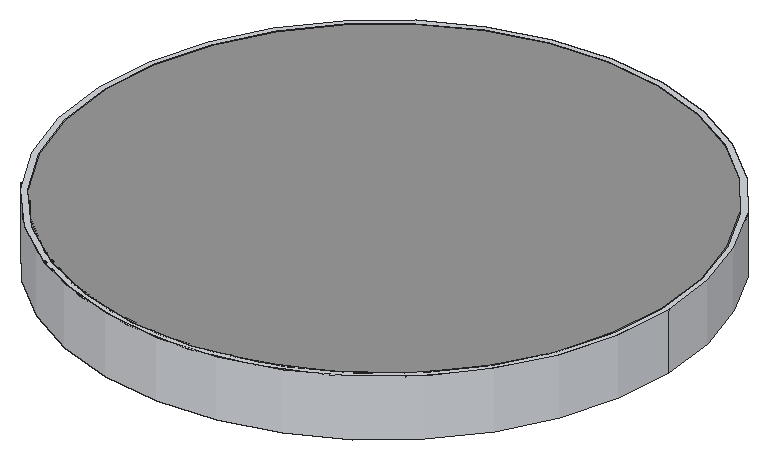
Revit family "2071224", category Lighting Fixtures, host Face, Revit 2018
Family settings
  Host = Face
  Round Connector Dimension = Use Diameter
  Part Type = Normal
  OmniClass Number = 23.80.70.00
  OmniClass Title = Lighting
  Cut with Voids When Loaded = No
  Light Source = Yes
  Shared = No
  Room Calculation Point = No
Parameters (values of type "2071224 COLOSSAL 600 940 OP DIR+H WHT DALI EM")
  iner diameter = 588 mm
  Weight = "n/a"
  Wattage Comments = ""
  Wattage = 30 W
  WarrantyStartDate [instance] = "n/a"
  WarrantyGuarantorParts = "n/a"
  WarrantyDurationUnit = "n/a"
  WarrantyDurationParts = ""
  WarrantyDescription = "http://www.sylvania-lighting.com"
  built-in parameter 1150110 = 1 (stored number, unit not read)
  Voltage = 230 V
  URL = "0.99"
  TypeName = "COLOSSAL 600mm 940 OPAL DIR+HAL WHITE DALI EM"
  Type Image = <None>
  Type Comments = "n/a"
  built-in parameter 1114217 = 1 (stored number, unit not read)
  Tilt Angle = -90.00°
  built-in parameter 1150109 = 1 (stored number, unit not read)
  built-in parameter 1150134 = (empty or 0)
  built-in parameter 1150113 = 1 (stored number, unit not read)
  SerialNumber [instance] = "n/a"
  Photometric Web File = "2071224.ies"
  Material_3_SYL = LED-Sylvania
  PowerFactor = 0
  PowerConsumption = "Lighting"
  NominalLength = 600 mm
  NominalHeight = 93 mm
  NominalDepth = 600 mm
  Name = "COLOSSAL 600mm 940 OPAL DIR+HAL WHITE DALI EM"
  ModelReference = Name  # "COLOSSAL 600mm 940 OPAL DIR+HAL WHITE DALI EM"
  ModelNumber = "2071224"
  Model = Name  # "COLOSSAL 600mm 940 OPAL DIR+HAL WHITE DALI EM"
  Material = "Feilo Sylvania"
  ManufacturerName = "113 lm/W"
  Manufacturer = ""
  LuminousEfficacy = ""
  built-in parameter 1150105 = 270.44 (stored number, unit not read)
  Lumens = 3398.4 lm
  LuminaireType = "0"
  built-in parameter 1150115 = 1 (stored number, unit not read)
  LightOutputRatio = "LED"
  built-in parameter 1150137 = (empty or 0)
  built-in parameter 1150139 = (empty or 0)
  LampsType = Lamp  # "n/a"
  LampNominalLuminous = "4000 K"
  LampMacAdamStep = "90"
  LampColourTemperature = "LED"
  LampColourRenderingIndex = "16500"
  built-in parameter 1150112 = 1 (stored number, unit not read)
  built-in parameter 1150114 = 1 (stored number, unit not read)
  Lamp = "n/a"
  Keynote = "n/a"
  InstallationDate [instance] = "n/a"
  InputVoltage = "0"
  InputNominalFrequency = "4000"
  built-in parameter 1150132 = (empty or 0)
  built-in parameter 1150102 = (empty or 0)
  built-in parameter 1150107 = 3000 (stored number, unit not read)
  built-in parameter 1150138 = (empty or 0)
  IngressProtection = "IfcLightFixtureType"
  ImpactProtectionIndex = "IfcLightFixtureType"
  built-in parameter 1150106 = 2.7044 (stored number, unit not read)
  IfcExportType = "IfcLightFixtureType"
  IfcExportAs = "Class I"
  Emit from Circle Diameter = 385 mm
  Emit Shape Visible in Rendering = no
  ElectricShockClassification = "113"
  built-in parameter 1150104 = 10.524 (stored number, unit not read)
  DocumentationLiterature = "http://www.sylvania-lighting.com/product/en-int/products/2071224"
  DimmingControlOptions = "n/a"
  Material_2_SYL = Polycarbonate_Sylvania_White
  Dimming Lamp Color Temperature Shift = <None>
  Description = "600mm diameter circular architectural luminaire, can be surface mounted or suspended. Powder coated aluminium housing (RAL9016) with polycarbonate opal diffuser. Direct/indirect (halo) light distribution, 4635lm luminuous flux, 41W system power, 113lm/W luminiaire efficacy. DALI dimmable. 3 hours integrated emergency. Colour rendering index Ra >90, 4000K Neutral White LED, chromaticity tolerance of 3-step MacAdam ellipse. IP40, IK03. 450mA drive current. Electrical protection Class1, 220-240V. Reported lifetime 66k hours L90B10."
  Default Elevation = 1219.2 mm
  CreatedOn = "23/03/2022"
  CreatedBy = "@sylvania-lighting.com"
  Cost = 0
  Color Filter = 16777215
  built-in parameter 1114216 [instance] = (empty or 0)
  ClassificationValue = "EF_70_80"
  ClassificationName = "Uniclass2015"
  Material_1_SYL = Polycarbonate_Sylvania_Opal
  BarCode [instance] = "n/a"
  built-in parameter 1114218 = 1 (stored number, unit not read)
  built-in parameter 1150133 = 10 (stored number, unit not read)
  AssetType = "Fixed"
  AssetIdentifier [instance] = "n/a"
  Assembly Code = "D5020200"
  Apparent Load = 41 VA
  Material_4_SYL = none
Reference planes
  plane 1 "Center (Front/Back)": y = 0
  plane 2: z = 0
  plane 3 "Center (Left/Right)": x = 0
  plane 4: x = -300
  plane 5: x = 300
  plane 6: y = 300
  plane 7: y = -300
  plane 8: y = 212
  plane 9: y = -212
  plane 10: z = 93
  plane 11: y = 294
  plane 12: y = -294
  plane 13: through (0, 0, 1219.2) normal (0.5, -0.866, 0)
  plane 14: through (-134.29, 20.617, 1219.2) normal (0.5, -0.866, 0)
  plane 15: through (-144.685, -181.683, 1219.2) normal (-0.5, 0.866, 0)
  plane 16: through (0, 0, 1219.2) normal (0.5, 0.866, 0)
  plane 17: through (178.555, -4.939, 1219.2) normal (0.5, 0.866, 0)
  plane 18: through (87.581, -148.715, 1219.2) normal (0.5, 0.866, 0)
  plane 19: y = 272
  plane 20: through (105.168, 227.067, 1219.2) normal (0.866, 0.5, 0)
  plane 21: through (-104.171, 225.672, 1219.2) normal (0.8572, -0.515, 0)
  plane 22: y = -204.612
  plane 23: through (-296.643, -30.2, 1219.2) normal (0.866, 0.5, 0)
  plane 24: through (153.092, -278.837, 1219.2) normal (-0.866, 0.5, 0)
Forms (mm)
  Extrusion 1, solid, detail levels medium+fine
    sketch origin (0, 0, 0) x (1, 0, 0) y (0, 1, 0)
      loop
        circle (0, 0) r 300
    from 33.023 to 93
  Extrusion 2, void
    sketch origin (0, 0, 0) x (1, 0, 0) y (0, 1, 0)
      loop
        circle (0, 0) r 294
    from 93 to 37.292
  Extrusion 3, solid, material "Glass, White, High Luminance", detail levels fine
    sketch origin (0, 0, 0) x (1, 0, 0) y (0, 1, 0)
      loop
        circle (0, 0) r 294
    from 88.026 to 93
  Extrusion 4, solid, detail levels coarse
    sketch origin (0, 0, 0) x (1, 0, 0) y (0, 1, 0)
      loop
        line (-300, 300) -> (-300, -300) -> (300, -300) -> (300, 300) -> (-300, 300)
    from 0 to 93
  Blend 5, solid, detail levels medium+fine
    base sketch origin (0, 0, 0) x (1, 0, 0) y (0, 1, 0)
      loop
        line (-76.334, 272) -> (-277.665, -63.07) -> (-195.946, -204.612) -> (195.946, -204.612) -> (275.172, -67.388) -> (79.226, 272) -> (-76.334, 272)
    top sketch origin (0, 0, 0) x (1, 0, 0) y (0, 1, 0)
      loop
        line (-226.097, -32.388) -> (-141.097, -179.612) -> (141.097, -179.612) -> (226.097, -32.388) -> (85, 212) -> (-85, 212) -> (-226.097, -32.388)
    from 33.023 to 0
Cuts and joins
  Extrusion 2 cuts Extrusion 1
Lines and regions (mm)
  model lines
    curve 1: line (-85, 212, 0) -> (0, 212, 0)
    curve 2: line (0, 212, 0) -> (85, 212, 0)
Dimensions and locks
  "NominalDepth": plane 6 to plane 7
  "NominalLength": plane 4 to plane 5
  equal spacing: plane 4, plane 3 "Center (Left/Right)", plane 5
  "iner diameter": plane 11 to plane 12
  equal spacing: plane 11, plane 1 "Center (Front/Back)", plane 12
  equal spacing: plane 6, plane 1 "Center (Front/Back)", plane 7
  "NominalHeight": plane 10 to level
  radius of Extrusion 2 sketch curve = 294 mm
  aligned and locked: plane 2 to host face
  aligned and locked: level to host face
Automatic sketch dimensions
  host sketch curve to host sketch curve = 2438.4 mm  (x2)
  plane 1 "Center (Front/Back)" to Extrusion 1 sketch curve = 0 mm
  Extrusion 1 sketch curve to plane 3 "Center (Left/Right)" = 0 mm
  plane 1 "Center (Front/Back)" to Extrusion 2 sketch curve = 0 mm
  Extrusion 2 sketch curve to plane 3 "Center (Left/Right)" = 0 mm
  plane 1 "Center (Front/Back)" to Extrusion 3 sketch curve = 0 mm
  Extrusion 3 sketch curve to plane 3 "Center (Left/Right)" = 0 mm
  Extrusion 4 sketch curve to plane 4 = 0 mm
  Extrusion 4 sketch curve to plane 5 = 0 mm
  Extrusion 4 sketch curve to plane 7 = 0 mm
  Extrusion 4 sketch curve to plane 6 = 0 mm
  Blend 5 sketch curve to plane 8 = 0 mm
  Blend 5 sketch curve to plane 3 "Center (Left/Right)" = 85 mm
  plane 3 "Center (Left/Right)" to Blend 5 sketch curve = 85 mm
  plane 9 to Blend 5 sketch curve = 32.388 mm
  plane 3 "Center (Left/Right)" to Blend 5 sketch curve = 141.097 mm
  plane 1 "Center (Front/Back)" to Blend 5 sketch curve = 32.388 mm  (x2)
  Blend 5 sketch curve to plane 5 = 73.903 mm
  Blend 5 sketch curve to plane 3 "Center (Left/Right)" = 141.097 mm
  plane 4 to Blend 5 sketch curve = 73.903 mm
  curve 1 to plane 8 = 0 mm
  curve 2 to plane 3 "Center (Left/Right)" = 0 mm
  curve 1 to plane 3 "Center (Left/Right)" = 85 mm
  curve 1 to curve 2 = 85 mm
  Blend 5 sketch curve to plane 21 = 0 mm
  Blend 5 sketch curve to plane 23 = 0 mm  (x2)
  Blend 5 sketch curve to plane 22 = 0 mm
  Blend 5 sketch curve to plane 19 = 0 mm
  plane 21 to Blend 5 sketch curve = 0 mm
  Blend 5 sketch curve to plane 20 = 0 mm  (x2)
  Blend 5 sketch curve to plane 24 = 0 mm  (x2)
  radius of Extrusion 1 sketch curve = 300 mm
  radius of Extrusion 3 sketch curve = 294 mm
Connectors
  electrical at (0, 0, 0), driven by "Apparent Load", driven by "PowerFactor", driven by "Voltage"
    settings: index 1, voltage 230 V, apparent load 41 VA, apparent load phase1 0 VA, apparent load phase2 0 VA, apparent load phase3 0 VA, power factor 0, load classification "Lighting", number of poles 1, system type 30, power factor state 1, is connector primary yes, connector utility no, sub classification motor no, connector description ""
